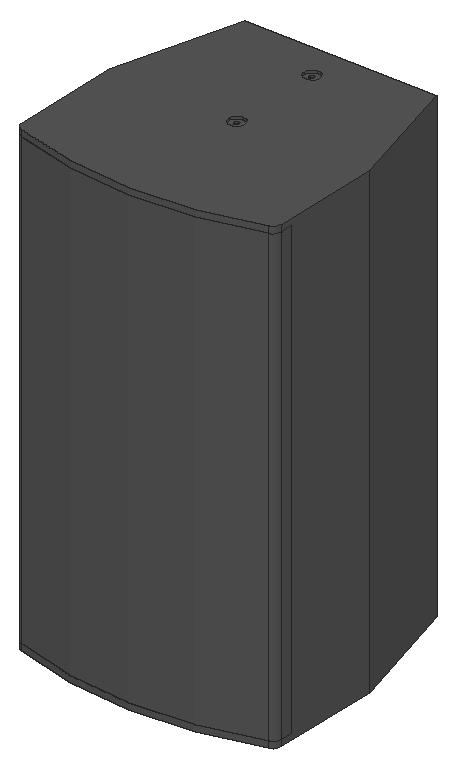
Revit family "1Electronics_Community-Point-Source_Biamp_Loudspeaker_IC6_1082", category Communication Devices, host Face, Revit 2020
Family settings
  Host = Face
  Maintain Annotation Orientation = No
  Round Connector Dimension = Use Diameter
  Part Type = Normal
  OmniClass Number = 23.85.10.11.14.14.14
  Cut with Voids When Loaded = No
  Shared = No
  Room Calculation Point = No
Parameters (values of type "IC6-1082/26 B")
  Width = 10.40"  # constant formula
  Weight = 25.00 lbf
  URL = "https://www.biamp.com/"
  Transducers = "LF 1 x 8 (203mm) ferrite driver, 1.8 (45mm) voice coil; HF 1 x 1 (25mm exit, 1.75 (44mm) voice coil, advanced polymer diaphragm, ferrite compression driver"  # constant formula
  Recommended Amplifers = "250W - 500W - 8 ohms,  (45V - 63V)"  # constant formula
  Product data url = "https://www.bimobject.com/biamp/product/ic6-1082_community-point-source"
  Product Page URL = "https://www.biamp.com/products/product-families/community/point-source#ic6-1082"
  Product Documentation Link = "https://downloads.biamp.com/assets/docs/default-source/data-sheets/biamp_data_sheet_community_ic6-1082-26.pdf"
  Operating Range = "52 Hz to 19.5 kHz"
  Operating Mode = "Low Impedance or 70V/100V models "  # constant formula
  Operating Environment = "Indoor or Weather-Resistant Outdoor"  # constant formula
  Nominal Sensitivity = "1W/1m - 94 dB; 2.83V - 94 dB"
  Nominal Maximum SPL = "Peak - 124 dB; Continious - 118 dB"
  Nominal Beamwidth  (H x V) = "120° x  60°"
  Mounting Points = "M10 threaded inserts; M8 threaded inserts (rear)"  # constant formula
  Model = "IC6-1082/26 B"
  Manufacturer = "Biamp"  # constant formula
  Input Connection = "Screw terminal block (5-position)"  # constant formula
  Housing Material = Biamp - Plastic - Black
  Height = 18.75"  # constant formula
  Gril Material = Biamp - Plastic - Black(Grid)
  Equalized Sensitivity = "1W/1m - 93 dB; 2.83V - 93 dB"
  Equalized Maximum SPL = "Peak - 123 dB; Continious - 117 dB"
  Environmental = "Outdoor:  IP55W per IEC 60529, MIL-STD-810G"  # constant formula
  Description = "IC6-1082 High Output 8-Inch Two-Way Installation Loudspeaker"  # constant formula
  Depth = 10.63"  # constant formula
  Default Elevation = 48.00"
  Connector Description = "Screw terminal block (5-position); Low impedance (8 ohm)"
Types (9): name | Weight | Product Documentation Link | Operating Range | Nominal Sensitivity | Nominal Beamwidth  (H x V) | Model | Housing Material | Gril Material | Equalized Sensitivity | Equalized Maximum SPL | Default Elevation | Connector Description
  (no name) | 25.00 lbf | "https://downloads.biamp.com/assets/docs/default-source/data-sheets/biamp_data_sheet_community_ic6-1082-26.pdf" | "52 Hz to 19.5 kHz" | "1W/1m - 94 dB; 2.83V - 94 dB" | "120° x  60°" | "IC6-1082/26 B" | Biamp - Plastic - Black | Biamp - Plastic - Black(Grid) | "1W/1m - 93 dB; 2.83V - 93 dB" | "Peak - 123 dB; Continious - 117 dB" | 48.00" | "Screw terminal block (5-position); Low impedance (8 ohm)"
  IC6-1082/96 B | 25.00 lbf | "https://downloads.biamp.com/assets/docs/default-source/data-sheets/biamp_data_sheet_community_ic6-1082-96.pdf" | "53 Hz to 20 kHz" | "1W/1m - 95 dB; 2.83V - 95 dB" | "90° x  60°" | "IC6-1082/96 B" | Biamp - Plastic - Black | Biamp - Plastic - Black(Grid) | "1W/1m - 94 dB; 2.83V - 94 dB" | "Peak - 124 dB; Continious - 118 dB" | 48.00" | "Screw terminal block (5-position); Low impedance (8 ohm)"
  IC6-1082T96 B | 29.00 lbf | "https://downloads.biamp.com/assets/docs/default-source/data-sheets/biamp_data_sheet_community_ic6-1082-96.pdf" | "53 Hz to 20 kHz" | "1W/1m - 95 dB; 2.83V - 95 dB" | "90° x  60°" | "IC6-1082T96 B" | Biamp - Plastic - Black | Biamp - Plastic - Black(Grid) | "1W/1m - 94 dB; 2.83V - 94 dB" | "Peak - 124 dB; Continious - 118 dB" | 29.00" | "Screw terminal block (5-position); 70/100V applications"
  IC6-1082/96 W | 25.00 lbf | "https://downloads.biamp.com/assets/docs/default-source/data-sheets/biamp_data_sheet_community_ic6-1082-96.pdf" | "53 Hz to 20 kHz" | "1W/1m - 95 dB; 2.83V - 95 dB" | "90° x  60°" | "IC6-1082/96 W" | Biamp - Plastic - White | Biamp - Plastic - White(Grid) | "1W/1m - 94 dB; 2.83V - 94 dB" | "Peak - 124 dB; Continious - 118 dB" | 48.00" | "Screw terminal block (5-position); Low impedance (8 ohm)"
  IC6-1082T96 W | 29.00 lbf | "https://downloads.biamp.com/assets/docs/default-source/data-sheets/biamp_data_sheet_community_ic6-1082-96.pdf" | "53 Hz to 20 kHz" | "1W/1m - 95 dB; 2.83V - 95 dB" | "90° x  60°" | "IC6-1082T96 W" | Biamp - Plastic - White | Biamp - Plastic - White(Grid) | "1W/1m - 94 dB; 2.83V - 94 dB" | "Peak - 124 dB; Continious - 118 dB" | 29.00" | "Screw terminal block (5-position); 70/100V applications"
  IC6-1082/26 B | 25.00 lbf | "https://downloads.biamp.com/assets/docs/default-source/data-sheets/biamp_data_sheet_community_ic6-1082-26.pdf" | "52 Hz to 19.5 kHz" | "1W/1m - 94 dB; 2.83V - 94 dB" | "120° x  60°" | "IC6-1082/26 B" | Biamp - Plastic - Black | Biamp - Plastic - Black(Grid) | "1W/1m - 93 dB; 2.83V - 93 dB" | "Peak - 123 dB; Continious - 117 dB" | 48.00" | "Screw terminal block (5-position); Low impedance (8 ohm)"
  IC6-1082/26 W | 25.00 lbf | "https://downloads.biamp.com/assets/docs/default-source/data-sheets/biamp_data_sheet_community_ic6-1082-26.pdf" | "52 Hz to 19.5 kHz" | "1W/1m - 94 dB; 2.83V - 94 dB" | "120° x  60°" | "IC6-1082/26 W" | Biamp - Plastic - White | Biamp - Plastic - White(Grid) | "1W/1m - 93 dB; 2.83V - 93 dB" | "Peak - 123 dB; Continious - 117 dB" | 48.00" | "Screw terminal block (5-position); Low impedance (8 ohm)"
  IC6-1082T26 B | 29.00 lbf | "https://downloads.biamp.com/assets/docs/default-source/data-sheets/biamp_data_sheet_community_ic6-1082-26.pdf" | "52 Hz to 19.5 kHz" | "1W/1m - 94 dB; 2.83V - 94 dB" | "120° x  60°" | "IC6-1082T26 B" | Biamp - Plastic - Black | Biamp - Plastic - Black(Grid) | "1W/1m - 93 dB; 2.83V - 93 dB" | "Peak - 123 dB; Continious - 117 dB" | 48.00" | "Screw terminal block (5-position); 70/100V applications"
  IC6-1082T26 W | 29.00 lbf | "https://downloads.biamp.com/assets/docs/default-source/data-sheets/biamp_data_sheet_community_ic6-1082-26.pdf" | "52 Hz to 19.5 kHz" | "1W/1m - 94 dB; 2.83V - 94 dB" | "120° x  60°" | "IC6-1082T26 W" | Biamp - Plastic - White | Biamp - Plastic - White(Grid) | "1W/1m - 93 dB; 2.83V - 93 dB" | "Peak - 123 dB; Continious - 117 dB" | 48.00" | "Screw terminal block (5-position); 70/100V applications"
Reference planes (in)
  plane 1 "Center (Front/Back)": y = 0
  plane 2: z = 0
  plane 3 "Center (Left/Right)": x = 0
Forms (in)
  Extrusion 1, solid, material "Biamp - Plastic - Black" <- "Housing Material", detail levels medium+fine
    sketch origin (0, 1.56, 0) x (0, 1, 0) y (-1, 0, 0)
      loop
        line (3.69, -3.845) -> (3.69, 3.845) -> (-1.37311, 5.20166) -> (-5.77624, 5.20166)
        arc (-5.77624, 5.20166) -> (-5.99001, 5.13232) -> (-6.12365, 4.95166) r 0.36819
        arc (-6.12365, 4.95166) -> (-6.94, 0) -> (-6.12365, -4.95166) r 15.42565
        arc (-6.12365, -4.95166) -> (-5.98895, -5.13308) -> (-5.77365, -5.20166) r 0.36819
        line (-5.77365, -5.20166) -> (-1.37311, -5.20166) -> (3.69, -3.845)
    from 0 to 18.75
  Extrusion 2, void
    sketch origin (0, 1.56, 0) x (0, 1, 0) y (-1, 0, 0)
      loop
        arc (-5.31, 6.82199) -> (-7.93954, -0.15462) -> (-5.31, -7.13123) r 10.56983
        line (-5.31, -7.13123) -> (-5.31, 6.82199)
    from 0.25384 to 18.5
  Extrusion 3, solid, material "Biamp - Plastic - Black(Grid)" <- "Gril Material", detail levels medium+fine
    sketch origin (0, 0.69, 0) x (0, 1, 0) y (-1, 0, 0)
      loop
        line (-4.44, -5.20166) -> (-4.44, 5.20166) -> (-4.90624, 5.20166)
        arc (-4.90624, 5.20166) -> (-5.12001, 5.13232) -> (-5.25365, 4.95166) r 0.36819
        arc (-5.25365, 4.95166) -> (-6.07, 0) -> (-5.25365, -4.95166) r 15.42565
        arc (-5.25365, -4.95166) -> (-5.11895, -5.13308) -> (-4.90365, -5.20166) r 0.36819
        line (-4.90365, -5.20166) -> (-4.44, -5.20166)
    from 0.25384 to 18.5
  Extrusion 4, void
    sketch origin (0, 1.56, 0) x (1, 0, 0) y (0, 1, 0)
      loop
        circle (0, 2.248) r 0.32
      loop
        circle (0, -1.532) r 0.32
    from 18.68 to 18.75
  Extrusion 5, void
    sketch origin (0.75, 1.56, 0) x (1, 0, 0) y (0, 1, 0)
      loop
        circle (-0.75, 2.248) r 0.1
      loop
        circle (-0.75, -1.532) r 0.1
    from 18.66 to 18.68
  Extrusion 6, void
    sketch origin (0, 0, -1.78384) x (1, 0, 0) y (0, 0, 1)
      loop
        line (-1.625, 3.00384) -> (1.625, 3.00384) -> (1.625, 8.45384) -> (-1.625, 8.45384) -> (-1.625, 3.00384)
    from -5.25 to -5.03478
  Extrusion 7, void
    sketch origin (0, 0, -0.245) x (1, 0, 0) y (0, 0, 1)
      loop
        circle (1, 12.96) r 0.32
      loop
        circle (-1, 12.96) r 0.32
      loop
        circle (1, 9.21) r 0.32
      loop
        circle (-1, 9.21) r 0.32
      loop
        circle (0, 11.085) r 0.32
    from -5.25 to -5.16
  Extrusion 8, void
    sketch origin (-2.85758, 0, -0.245) x (1, 0, 0) y (0, 0, 1)
      loop
        circle (3.85758, 12.96) r 0.1
      loop
        circle (1.85758, 12.96) r 0.1
      loop
        circle (3.85758, 9.21) r 0.1
      loop
        circle (1.85758, 9.21) r 0.1
      loop
        circle (2.85758, 11.085) r 0.1
    from -5.14 to -5.16
  Extrusion 9, solid, material "Biamp - Plastic - Black" <- "Housing Material", detail levels medium+fine
    sketch origin (0, 0, -1.78384) x (1, 0, 0) y (0, 0, 1)
      loop
        line (0.25, 3.22884) -> (0.25, 8.22884) -> (-0.25, 8.22884) -> (-0.25, 3.22884) -> (0.25, 3.22884)
    from -5.14195 to -5.03478
  Extrusion 10, solid, material "Biamp - Plastic - Black" <- "Housing Material", detail levels coarse
    sketch origin (0, 1.56, 0) x (0, 1, 0) y (-1, 0, 0)
      loop
        line (3.69, -3.845) -> (3.69, 3.845) -> (-1.37311, 5.20166) -> (-6.03652, 5.20166)
        arc (-6.03652, 5.20166) -> (-6.94, 0) -> (-6.03652, -5.20166) r 15.42565
        line (-6.03652, -5.20166) -> (-1.37311, -5.20166) -> (3.69, -3.845)
    from 0 to 18.75
Cuts and joins
  Extrusion 2, Extrusion 4, Extrusion 5, Extrusion 6, Extrusion 7, Extrusion 8 cuts Extrusion 1
  joined: Extrusion 1, Extrusion 9
  Extrusion 6, Extrusion 7 cuts Extrusion 3
Lines and regions (in)
  Masking region 1, detail levels medium+fine
    outline origin (0, 0, 0) x (1, 0, 0) y (0, 1, 0)
      loop
        line (3.845, 5.25) -> (-3.845, 5.25) -> (-5.20166, 0.18689) -> (-5.20166, -4.21365)
        arc (-5.20166, -4.21365) -> (-5.13308, -4.42895) -> (-4.95166, -4.56365) r 0.36819
        arc (-4.95166, -4.56365) -> (0, -5.38) -> (4.95166, -4.56365) r 15.42565
        arc (4.95166, -4.56365) -> (5.13308, -4.42895) -> (5.20166, -4.21365) r 0.36819
        line (5.20166, -4.21365) -> (5.20166, 0.18689) -> (3.845, 5.25)
  Masking region 2, detail levels coarse
    outline origin (0, -0.5, 0) x (1, 0, 0) y (0, 1, 0)
      loop
        line (-3.845, 5.75) -> (-5.20166, 0.68689) -> (-5.20166, -3.97652)
        arc (-5.20166, -3.97652) -> (0, -4.88) -> (5.20166, -3.97652) r 15.42565
        line (5.20166, -3.97652) -> (5.20166, 0.68689) -> (3.845, 5.75) -> (-3.845, 5.75)
  symbolic lines, detail levels medium+fine
    curve 1: arc (0.32, 0.028, 0) -> (0, -0.292, 0) -> (-0.32, 0.028, 0) r 0.32
    curve 2: arc (0.32, 0.028, 0) -> (0, 0.348, 0) -> (-0.32, 0.028, 0) r 0.32
    curve 3: arc (0.1, 0.028, 0) -> (0, 0.128, 0) -> (-0.1, 0.028, 0) r 0.1
    curve 4: arc (-0.1, 0.028, 0) -> (0, -0.072, 0) -> (0.1, 0.028, 0) r 0.1
    curve 5: arc (-0.32, 3.808, 0) -> (0, 3.488, 0) -> (0.32, 3.808, 0) r 0.32
    curve 6: arc (0.32, 3.808, 0) -> (0, 4.128, 0) -> (-0.32, 3.808, 0) r 0.32
    curve 7: arc (-0.1, 3.808, 0) -> (0, 3.708, 0) -> (0.1, 3.808, 0) r 0.1
    curve 8: arc (0.1, 3.808, 0) -> (0, 3.908, 0) -> (-0.1, 3.808, 0) r 0.1
Dimensions and locks (in)
  aligned and locked: plane 2 to host face
  aligned and locked: level to host face
Connectors (in)
  electrical at (0, 5.14195, 3.945), driven by "Connector Description"
    settings: on cut or joined group of Extrusion 1, Extrusion 2, Extrusion 4, Extrusion 5, Extrusion 6, Extrusion 7, Extrusion 8, Extrusion 9, index 1, voltage 0 V, apparent load 0 VA, apparent load phase1 0 VA, apparent load phase2 0 VA, apparent load phase3 0 VA, power factor 1, load classification "Other", number of poles 1, system type 5, power factor state 1, is connector primary yes, connector utility no, sub classification motor no, connector description "Screw terminal block (5-position); Low impedance (8 ohm)"
